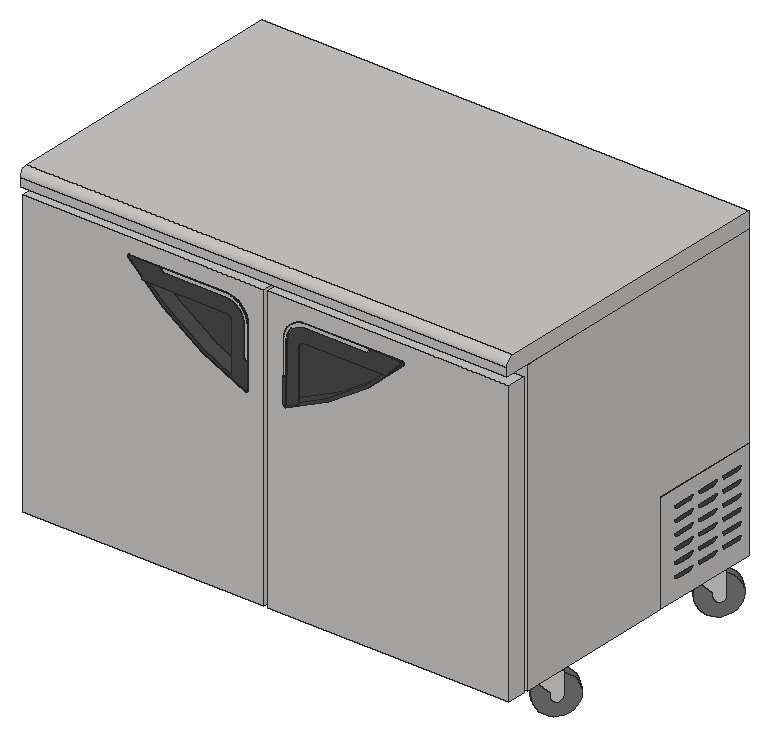
Revit family "QF_Turbo Air_TUR-48SD", category Specialty Equipment, Revit 2012
Parameters
  Weight in Pounds = 246
  Watermarked By = "http://revitwatermark.com"
  Volts = 115 V
  URL Cutsheet = ""
  URL = "www.turboairinc.com"
  Status [instance] = ""
  Specification by User [instance] = ""
  Specification by Manufacturer [instance] = ""
  Serial Number [instance] = ""
  Revision Code [instance] = ""
  Phase = 1
  Number of Poles [instance] = 1
  NAFEM Spec ID Number [instance] = ""
  Model = "TUR-48SD"
  Masterspec [instance] = ""
  Manufacturer = "Turbo Air"  # constant formula
  Legs [instance] = [6 inch Legs]  # no
  Item Number [instance] = "-"
  Installed By [instance] = ""
  HP = "1/3"
  Furnished By [instance] = ""
  Foodservice Equipment Identifier = yes
  FL Amps = 6.5 A
  Electrical Remarks [instance] = ""
  Electric Connection Type [instance] = ""
  Elec Conn RI Height [instance] = 0' - 0"
  Elec Conn Connection Height = 1' - 0"
  Description = "Undercounter Refrigerator"
  Cycle = 60 Hz
  Conn Plug = "NEMA 5-15P"
  Casters [instance] = not(Legs)  # yes
  CasterLeg Height [instance] = if([4 inch Casters], 0' 5", if([5 inch Casters], 0' 5 3/4", if([2_5 inch Casters], 0' 3 3/8", 0' 6")))  # 0' - 5"
  CSI MasterFormat = "11 41 13"
  Assembly Code = "E1090320"
  Apparent Power = if(Phase = 3, Volts * FL Amps * 1.73, Volts * FL Amps)  # 747.5 VA
  6 inch Legs [instance] = no
  5 inch Casters [instance] = no
  4 inch Casters [instance] = yes
  2_5 inch Casters [instance] = no
Reference planes (in)
  plane 1 "BACK": y = 0
  plane 2: z = 0
  plane 3 "LEFT": x = -20.78844
  plane 4 "Bottom": z = 5
  plane 5 "Back Stops": y = 1
  plane 6 "RIGHT": x = 27.46156
  plane 7 "FRONT": y = -30
  plane 8 "Door Clearance": y = -51.875
  plane 9 "Back of Door": y = -27.875
  plane 10 "Front of Box": y = -27.375
  plane 11 "Top of Door": z = 33.125
  plane 12 "TOP": z = 35.625
  plane 13 "Bottom of TOP": z = 34
  plane 14 "Center LR": x = 3.33656
  plane 15: x = 3.52406
  plane 16: x = 3.14906
Forms (in)
  Extrusion 1, solid, material "QF_Finishes_Stainless Steel"
    sketch origin (-20.78844, 0, 0) x (0, 1, 0) y (0, 0, 1)
      loop
        line (0, 5) -> (0, 34) -> (-27.375, 34) -> (-27.375, 5) -> (0, 5)
    from 0 to 48.25
  Extrusion 2, solid, material "QF_Finishes_Black"
    sketch origin (0, -27.375, 0) x (1, 0, 0) y (0, 0, 1)
      loop
        line (-19.78844, 32.125) -> (-19.78844, 6) -> (2.14906, 6) -> (2.14906, 32.125) -> (-19.78844, 32.125)
      loop
        line (4.52406, 32.125) -> (4.52406, 6) -> (26.46156, 6) -> (26.46156, 32.125) -> (4.52406, 32.125)
    from 0 to 0.5
  Extrusion 3, void
    sketch origin (27.46156, 0, 0) x (0, 1, 0) y (0, 0, 1)
      loop
        line (0, 5) -> (0, 15) -> (-11, 15) -> (-11, 5) -> (0, 5)
    from 0 to -1
  Extrusion 4, solid, material "QF_Finishes_Stainless Steel"
    sketch origin (27.46156, 0, 0) x (0, 1, 0) y (0, 0, 1)
      loop
        line (-10.875, 14.875) -> (-10.875, 5) -> (0, 5) -> (0, 14.875) -> (-10.875, 14.875)
      loop
        arc (-9.25, 13.5) -> (-9.10355, 13.14645) -> (-8.75, 13) r 0.5
        line (-8.75, 13) -> (-7.25, 13)
        arc (-7.25, 13) -> (-6.89645, 13.14645) -> (-6.75, 13.5) r 0.5
        line (-6.75, 13.5) -> (-9.25, 13.5)
      loop
        arc (-6.25, 13.5) -> (-6.10355, 13.14645) -> (-5.75, 13) r 0.5
        line (-5.75, 13) -> (-4.25, 13)
        arc (-4.25, 13) -> (-3.89645, 13.14645) -> (-3.75, 13.5) r 0.5
        line (-3.75, 13.5) -> (-6.25, 13.5)
      loop
        arc (-3.25, 13.5) -> (-3.10355, 13.14645) -> (-2.75, 13) r 0.5
        line (-2.75, 13) -> (-1.25, 13)
        arc (-1.25, 13) -> (-0.89645, 13.14645) -> (-0.75, 13.5) r 0.5
        line (-0.75, 13.5) -> (-3.25, 13.5)
      loop
        arc (-9.25, 12.25) -> (-9.10355, 11.89645) -> (-8.75, 11.75) r 0.5
        line (-8.75, 11.75) -> (-7.25, 11.75)
        arc (-7.25, 11.75) -> (-6.89645, 11.89645) -> (-6.75, 12.25) r 0.5
        line (-6.75, 12.25) -> (-9.25, 12.25)
      loop
        arc (-6.25, 12.25) -> (-6.10355, 11.89645) -> (-5.75, 11.75) r 0.5
        line (-5.75, 11.75) -> (-4.25, 11.75)
        arc (-4.25, 11.75) -> (-3.89645, 11.89645) -> (-3.75, 12.25) r 0.5
        line (-3.75, 12.25) -> (-6.25, 12.25)
      loop
        arc (-3.25, 12.25) -> (-3.10355, 11.89645) -> (-2.75, 11.75) r 0.5
        line (-2.75, 11.75) -> (-1.25, 11.75)
        arc (-1.25, 11.75) -> (-0.89645, 11.89645) -> (-0.75, 12.25) r 0.5
        line (-0.75, 12.25) -> (-3.25, 12.25)
      loop
        arc (-9.25, 11) -> (-9.10355, 10.64645) -> (-8.75, 10.5) r 0.5
        line (-8.75, 10.5) -> (-7.25, 10.5)
        arc (-7.25, 10.5) -> (-6.89645, 10.64645) -> (-6.75, 11) r 0.5
        line (-6.75, 11) -> (-9.25, 11)
      loop
        arc (-6.25, 11) -> (-6.10355, 10.64645) -> (-5.75, 10.5) r 0.5
        line (-5.75, 10.5) -> (-4.25, 10.5)
        arc (-4.25, 10.5) -> (-3.89645, 10.64645) -> (-3.75, 11) r 0.5
        line (-3.75, 11) -> (-6.25, 11)
      loop
        arc (-3.25, 11) -> (-3.10355, 10.64645) -> (-2.75, 10.5) r 0.5
        line (-2.75, 10.5) -> (-1.25, 10.5)
        arc (-1.25, 10.5) -> (-0.89645, 10.64645) -> (-0.75, 11) r 0.5
        line (-0.75, 11) -> (-3.25, 11)
      loop
        arc (-9.25, 9.75) -> (-9.10355, 9.39645) -> (-8.75, 9.25) r 0.5
        line (-8.75, 9.25) -> (-7.25, 9.25)
        arc (-7.25, 9.25) -> (-6.89645, 9.39645) -> (-6.75, 9.75) r 0.5
        line (-6.75, 9.75) -> (-9.25, 9.75)
      loop
        arc (-6.25, 9.75) -> (-6.10355, 9.39645) -> (-5.75, 9.25) r 0.5
        line (-5.75, 9.25) -> (-4.25, 9.25)
        arc (-4.25, 9.25) -> (-3.89645, 9.39645) -> (-3.75, 9.75) r 0.5
        line (-3.75, 9.75) -> (-6.25, 9.75)
      loop
        arc (-3.25, 9.75) -> (-3.10355, 9.39645) -> (-2.75, 9.25) r 0.5
        line (-2.75, 9.25) -> (-1.25, 9.25)
        arc (-1.25, 9.25) -> (-0.89645, 9.39645) -> (-0.75, 9.75) r 0.5
        line (-0.75, 9.75) -> (-3.25, 9.75)
      loop
        arc (-9.25, 8.5) -> (-9.10355, 8.14645) -> (-8.75, 8) r 0.5
        line (-8.75, 8) -> (-7.25, 8)
        arc (-7.25, 8) -> (-6.89645, 8.14645) -> (-6.75, 8.5) r 0.5
        line (-6.75, 8.5) -> (-9.25, 8.5)
      loop
        arc (-6.25, 8.5) -> (-6.10355, 8.14645) -> (-5.75, 8) r 0.5
        line (-5.75, 8) -> (-4.25, 8)
        arc (-4.25, 8) -> (-3.89645, 8.14645) -> (-3.75, 8.5) r 0.5
        line (-3.75, 8.5) -> (-6.25, 8.5)
      loop
        arc (-3.25, 8.5) -> (-3.10355, 8.14645) -> (-2.75, 8) r 0.5
        line (-2.75, 8) -> (-1.25, 8)
        arc (-1.25, 8) -> (-0.89645, 8.14645) -> (-0.75, 8.5) r 0.5
        line (-0.75, 8.5) -> (-3.25, 8.5)
      loop
        arc (-9.25, 7.25) -> (-9.10355, 6.89645) -> (-8.75, 6.75) r 0.5
        line (-8.75, 6.75) -> (-7.25, 6.75)
        arc (-7.25, 6.75) -> (-6.89645, 6.89645) -> (-6.75, 7.25) r 0.5
        line (-6.75, 7.25) -> (-9.25, 7.25)
      loop
        arc (-6.25, 7.25) -> (-6.10355, 6.89645) -> (-5.75, 6.75) r 0.5
        line (-5.75, 6.75) -> (-4.25, 6.75)
        arc (-4.25, 6.75) -> (-3.89645, 6.89645) -> (-3.75, 7.25) r 0.5
        line (-3.75, 7.25) -> (-6.25, 7.25)
      loop
        arc (-3.25, 7.25) -> (-3.10355, 6.89645) -> (-2.75, 6.75) r 0.5
        line (-2.75, 6.75) -> (-1.25, 6.75)
        arc (-1.25, 6.75) -> (-0.89645, 6.89645) -> (-0.75, 7.25) r 0.5
        line (-0.75, 7.25) -> (-3.25, 7.25)
    from 0 to -1
  Extrusion 5, solid, material "QF_Finishes_Black"
    sketch origin (27.46156, 0, 0) x (0, 1, 0) y (0, 0, 1)
      loop
        line (-9.875, 13.95221) -> (-9.875, 6.20221) -> (-0.375, 6.20221) -> (-0.375, 13.95221) -> (-9.875, 13.95221)
    from -0.125 to -1
  Extrusion 6, solid, material "QF_Finishes_Black"
    sketch origin (0, 0, 0) x (1, 0, 0) y (0, 0, 1)
      loop
        circle (-14.66344, 30.8125) r 0.5
      loop
        circle (21.33656, 30.8125) r 0.5
    from 0 to -1
  Extrusion 7, solid, material "QF_Finishes_Stainless Steel"
    sketch origin (0, 0, 0) x (1, 0, 0) y (0, 0, 1)
      loop
        circle (23.46156, 11.125) r 0.25
    from 0 to -0.0625
  Extrusion 8, solid, material "QF_Finishes_Polished Steel"
    sketch origin (-20.78844, 0, 0) x (0, 1, 0) y (0, 0, 1)
      loop
        line (0, 35.625) -> (-29.1875, 35.625)
        arc (-29.1875, 35.625) -> (-29.76202, 35.38702) -> (-30, 34.8125) r 0.8125
        line (-30, 34.8125) -> (-30, 34) -> (0, 34) -> (0, 35.625)
    from 0 to 48.25
Cuts and joins
  Extrusion 3 cuts Extrusion 1
Lines and regions (in)
  symbolic lines
    curve 1: line (-20.78844, 0, 35.875) -> (27.46156, 0, 35.875)
    curve 2: line (-20.78844, -30, 35.875) -> (-20.78844, 0, 35.875)
    curve 3: line (27.46156, -30, 35.875) -> (-20.78844, -30, 35.875)
    curve 4: line (27.46156, 0, 35.875) -> (27.46156, -30, 35.875)
    curve 5: line (20.83656, 1, 35.875) -> (21.83656, 1, 35.875)
    curve 6: line (-15.16344, 1, 35.875) -> (-14.16344, 1, 35.875)
    curve 7: line (-15.16344, 1, 35.875) -> (-15.16344, 0, 35.875)
    curve 8: line (-14.16344, 1, 35.875) -> (-14.16344, 0, 35.875)
    curve 9: line (20.83656, 1, 35.875) -> (20.83656, 0, 35.875)
    curve 10: line (21.83656, 1, 35.875) -> (21.83656, 0, 35.875)
  symbolic lines, style "QF_Clearances", detail levels coarse
    curve 11: line (27.46156, -30, 35.875) -> (27.46156, -51.875, 35.875)
    curve 12: arc (27.46156, -51.875, 35.875) -> (11.25971, -45.58093, 35.875) -> (3.55582, -30, 35.875) r 24
    curve 13: line (-20.78844, -30, 35.875) -> (-20.78844, -51.875, 35.875)
    curve 14: arc (-20.78844, -51.875, 35.875) -> (-4.58659, -45.58093, 35.875) -> (3.1173, -30, 35.875) r 24
Dimensions and locks (in)
  "CasterLeg Height": plane 4 "Bottom" to plane 2
  locked: plane 1 "BACK" to plane 5 "Back Stops" at 1
  locked: plane 6 "RIGHT" to plane 3 "LEFT" at 48.25
  locked: plane 7 "FRONT" to plane 1 "BACK" at 30
  locked: plane 9 "Back of Door" to plane 10 "Front of Box" at 0.5
  locked: plane 8 "Door Clearance" to plane 1 "BACK" at 51.875
  locked: plane 11 "Top of Door" to Extrusion 2 sketch curve at 1  (x2)
  locked: Extrusion 2 sketch curve to plane 3 "LEFT" at 1
  locked: Extrusion 2 sketch curve to plane 4 "Bottom" at 1  (x2)
  locked: Extrusion 3 sketch curve to plane 1 "BACK" at 11
  locked: Extrusion 3 sketch curve to plane 4 "Bottom" at 10
  locked: plane 4 "Bottom" to Extrusion 4 sketch curve at 9.875
  locked: Extrusion 4 sketch curve to plane 1 "BACK" at 10.875
  locked: Extrusion 5 sketch curve to Extrusion 5 sketch curve at 7.75
  locked: Extrusion 5 sketch curve to plane 4 "Bottom" at 1.20221
  locked: Extrusion 5 sketch curve to Extrusion 5 sketch curve at 9.5
  locked: Extrusion 5 sketch curve to plane 1 "BACK" at 0.375
  locked: nested 2 to plane 1 "BACK" at 2.5625
  locked: plane 3 "LEFT" to nested 2 at 2.5
  locked: plane 3 "LEFT" to nested 3 at 2.5
  locked: plane 10 "Front of Box" to nested 3 at 4.625
  locked: nested 4 to plane 6 "RIGHT" at 2.5
  locked: nested 5 to plane 6 "RIGHT" at 2.5
  locked: plane 10 "Front of Box" to nested 5 at 4.625
  locked: nested 4 to plane 1 "BACK" at 2.5625
  locked: plane 6 "RIGHT" to Extrusion 6 sketch curve at 6.125
  locked: Extrusion 6 sketch curve to plane 3 "LEFT" at 6.125
  locked: Extrusion 7 sketch curve to plane 4 "Bottom" at 6.125
  locked: plane 6 "RIGHT" to Extrusion 7 sketch curve at 4
  locked: plane 12 "TOP" to plane 4 "Bottom" at 30.625
  locked: plane 12 "TOP" to plane 13 "Bottom of TOP" at 1.625
  locked: plane 13 "Bottom of TOP" to plane 11 "Top of Door" at 0.875
  plane 9 "Back of Door" to plane 1 "BACK" = 2' - 3 7/8"
  equal spacing: plane 3 "LEFT", plane 14 "Center LR", plane 6 "RIGHT"
  plane 16 to plane 14 "Center LR" to plane 15 = 0' - 0 3/16" locked, 0' - 0 3/16" locked
  locked: Extrusion 2 sketch curve to plane 16 at 1
  locked: Extrusion 2 sketch curve to plane 6 "RIGHT" at 1
  locked: Extrusion 2 sketch curve to plane 15 at 1
  aligned and locked: level to plane 2
  aligned and locked: plane 6 "RIGHT" to nested 1
  aligned and locked: Extrusion 1 sketch curve to plane 1 "BACK"
  aligned and locked: Extrusion 1 sketch curve to plane 4 "Bottom"
  aligned and locked: plane 10 "Front of Box" to Extrusion 1 sketch curve
  aligned and locked: plane 6 "RIGHT" to Extrusion 1
  aligned and locked: plane 9 "Back of Door" to Extrusion 2
  aligned and locked: Extrusion 3 sketch curve to plane 1 "BACK"
  aligned and locked: Extrusion 3 sketch curve to plane 4 "Bottom"
  aligned and locked: Extrusion 6 to plane 5 "Back Stops"
  aligned and locked: plane 1 "BACK" to curve 1
  aligned and locked: curve 4 to plane 6 "RIGHT"
  aligned and locked: plane 3 "LEFT" to curve 2
  aligned and locked: curve 3 to plane 7 "FRONT"
  aligned and locked: curve 5 to Extrusion 6
  aligned and locked: curve 6 to Extrusion 6
  aligned and locked: Extrusion 1 sketch curve to plane 13 "Bottom of TOP"
  aligned and locked: plane 1 "BACK" to Extrusion 8 sketch curve
  aligned and locked: plane 13 "Bottom of TOP" to Extrusion 8 sketch curve
  aligned and locked: Extrusion 8 sketch curve to plane 7 "FRONT"
  aligned and locked: Extrusion 8 sketch curve to plane 12 "TOP"
  aligned and locked: plane 6 "RIGHT" to Extrusion 8
  aligned and locked: nested 6 to plane 4 "Bottom"
  aligned and locked: plane 4 "Bottom" to nested 1
Automatic sketch dimensions
  Extrusion 4 sketch curve to plane 1 "BACK" = 0' - 0"
  Extrusion 4 sketch curve to plane 4 "Bottom" = 0' - 0"
  Extrusion 4 sketch curve to Extrusion 4 sketch curve = 0' - 1 5/8"
  Extrusion 4 sketch curve to Extrusion 4 sketch curve = 0' - 0"  (x16)
  Extrusion 4 sketch curve to Extrusion 4 sketch curve = 0' - 0 1/2"  (x31)
  Extrusion 4 sketch curve to Extrusion 4 sketch curve = 0' - 1 1/2"  (x4)
  plane 1 "BACK" to Extrusion 4 sketch curve = 0' - 1 1/4"  (x3)
  plane 4 "Bottom" to Extrusion 4 sketch curve = 0' - 1 3/4"  (x2)
  Extrusion 4 sketch curve to Extrusion 4 sketch curve = 0' - 0 3/4"  (x15)
  Extrusion 6 sketch curve to plane 11 "Top of Door" = 0' - 2 5/16"  (x2)
  Extrusion 8 sketch curve to plane 7 "FRONT" = 0' - 0 13/16"
  plane 8 "Door Clearance" to curve 11 = 0' - 0"
  plane 8 "Door Clearance" to curve 14 = 0' - 0"
  plane 9 "Back of Door" to curve 12 = 0' - 0"
  plane 9 "Back of Door" to curve 14 = 0' - 0"
  curve 10 to plane 6 "RIGHT" = 0' - 5 5/8"
  curve 5 to curve 9 = 0' - 1"
  plane 3 "LEFT" to curve 8 = 0' - 6 5/8"
  curve 6 to curve 7 = 0' - 1"
  radius of Extrusion 6 sketch curve = 0' - 0 1/2"  (x2)
  radius of Extrusion 7 sketch curve = 0' - 0 1/4"
Nested families (in)
  nested 1: "QF_Turbo Air_TBL_Door-2" at (12.28489, -27.875, 5) x (-1, 0, 0) z (0, 0, 1), type "QF_Turbo Air_TBL_Door-2"
    with Width 1' - 11 15/16", Symbolic Lines no, Height 2' - 4 1/8", Depth 0' - 1 13/16"
  nested 2: "FESCasterLeg" at (-18.28844, -2.5625, 0), Legs <- "Legs", Casters <- "Casters", Height <- "CasterLeg Height", type "FESCasterLeg"
    with Legs no, Height 0' - 5", Casters yes, Caster Radius 0' - 2"
  nested 3: "FESCasterLeg" at (-18.28844, -22.75, 0), Legs <- "Legs", Casters <- "Casters", Height <- "CasterLeg Height", type "FESCasterLeg"
    with Legs no, Height 0' - 5", Casters yes, Caster Radius 0' - 2"
  nested 4: "FESCasterLeg" at (24.96156, -2.5625, 0), Legs <- "Legs", Casters <- "Casters", Height <- "CasterLeg Height", type "FESCasterLeg"
    with Legs no, Height 0' - 5", Casters yes, Caster Radius 0' - 2"
  nested 5: "FESCasterLeg" at (24.96156, -22.75, 0), Legs <- "Legs", Casters <- "Casters", Height <- "CasterLeg Height", type "FESCasterLeg"
    with Legs no, Height 0' - 5", Casters yes, Caster Radius 0' - 2"
  nested 6: "QF_Turbo Air_TBL_Door-2" at (-5.61177, -27.875, 5), type "QF_Turbo Air_TBL_Door-2"
    with Width 1' - 11 15/16", Symbolic Lines no, Height 2' - 4 1/8", Depth 0' - 1 13/16"
Connectors (in)
  electrical at (23.46156, 0.0625, 11.125), driven by "Number of Poles", driven by "Volts", driven by "Apparent Power"
    settings: on Extrusion 7, index 1, voltage 115 V, apparent load 747.5 VA, apparent load phase1 0 VA, apparent load phase2 0 VA, apparent load phase3 0 VA, power factor 1, load classification "Other", number of poles 1, system type 30, power factor state 1, is connector primary yes, connector utility no, sub classification motor no, connector description ""
Definition of nested family "QF_Turbo Air_TBL_Door-2"
  Parameters (values of type "QF_Turbo Air_TBL_Door-2")
    Width [instance] = 1' - 6"
    Watermarked By = "http://revitwatermark.com"
    Symbolic Lines [instance] = yes
    Manufacturer = "Turbo Air"  # constant formula
    Height [instance] = 2' - 3 1/2"
    Depth [instance] = 0' - 1 13/16"
  Reference planes (in)
    plane 1 "BACK": y = 0
    plane 2: z = 0
    plane 3 "LEFT": x = -15.17667
    plane 4: x = 2.82333
    plane 5 "FRONT": y = -1.8125
    plane 6: z = 27.5
  Forms (in)
    Extrusion 1, solid, material "QF_Finishes_Stainless Steel"
      sketch origin (0, 0, 0) x (1, 0, 0) y (0, 0, 1)
        loop
          line (-15.17667, 27.5) -> (-15.17667, 0) -> (2.82333, 0) -> (2.82333, 27.5) -> (-15.17667, 27.5)
        loop
          arc (1.26083, 23.75) -> (0.62013, 25.2968) -> (-0.92667, 25.9375) r 2.1875
          line (-0.92667, 25.9375) -> (-10.51602, 25.9375)
          arc (-10.51602, 25.9375) -> (-10.68463, 25.82502) -> (-10.64553, 25.62614) r 0.18261
          arc (-10.64553, 25.62614) -> (-5.27313, 21.0225) -> (1.01159, 17.7731) r 30.65514
          arc (1.01159, 17.7731) -> (1.18191, 17.79728) -> (1.26083, 17.95014) r 0.1875
          line (1.26083, 17.95014) -> (1.26083, 23.75)
      from 0 to 1.8125
    Extrusion 2, solid, material "QF_Finishes_Black"
      sketch origin (0, 0, 0) x (1, 0, 0) y (0, 0, 1)
        loop
          arc (-10.51602, 25.9375) -> (-10.68463, 25.82502) -> (-10.64553, 25.62614) r 0.18261
          arc (-10.64553, 25.62614) -> (-5.27313, 21.0225) -> (1.01159, 17.7731) r 30.65514
          arc (1.01159, 17.7731) -> (1.18191, 17.79728) -> (1.26083, 17.95014) r 0.1875
          line (1.26083, 17.95014) -> (1.26083, 23.75)
          arc (1.26083, 23.75) -> (0.62013, 25.2968) -> (-0.92667, 25.9375) r 2.1875
          line (-0.92667, 25.9375) -> (-10.51602, 25.9375)
      from 0 to 0.25
    Extrusion 3, solid, material "QF_Finishes_Black"
      sketch origin (0, -1.8125, 0) x (1, 0, 0) y (0, 0, 1)
        loop
          arc (-10.51602, 25.9375) -> (-10.68463, 25.82502) -> (-10.64553, 25.62614) r 0.18261
          arc (-10.64553, 25.62614) -> (-5.27313, 21.0225) -> (1.01159, 17.7731) r 30.65514
          arc (1.01159, 17.7731) -> (1.18191, 17.79728) -> (1.26083, 17.95014) r 0.1875
          line (1.26083, 17.95014) -> (1.26083, 23.75)
          arc (1.26083, 23.75) -> (0.62013, 25.2968) -> (-0.92667, 25.9375) r 2.1875
          line (-0.92667, 25.9375) -> (-10.51602, 25.9375)
        loop
          arc (-10.3612, 25.6875) -> (-5.1116, 21.21513) -> (1.01083, 18.04082) r 30.40514
          line (1.01083, 18.04082) -> (1.01083, 23.75)
          arc (1.01083, 23.75) -> (0.44335, 25.12002) -> (-0.92667, 25.6875) r 1.9375
          line (-0.92667, 25.6875) -> (-10.3612, 25.6875)
      from 0 to -1.5625
    Extrusion 4, solid, material "QF_Finishes_Stainless Steel"
      sketch origin (0, -1.8125, 0) x (1, 0, 0) y (0, 0, 1)
        loop
          line (0.8693, 23.74703) -> (0.8693, 20.9359)
          arc (0.8693, 20.9359) -> (0.97619, 20.67783) -> (1.23426, 20.57094) r 0.36497
          line (1.23426, 20.57094) -> (1.23426, 23.75728)
          arc (1.23426, 23.75728) -> (0.60343, 25.28026) -> (-0.91955, 25.9111) r 2.15381
          line (-0.91955, 25.9111) -> (-7.29364, 25.9111)
          arc (-7.29364, 25.9111) -> (-7.18686, 25.6533) -> (-6.92907, 25.54652) r 0.36457
          line (-6.92907, 25.54652) -> (-0.9302, 25.54652)
          arc (-0.9302, 25.54652) -> (0.34224, 25.01946) -> (0.8693, 23.74703) r 1.79949
      from 0 to 0.0625
    Extrusion 5, solid, material "QF_Finishes_Black"
      sketch origin (0, -1.8125, 0) x (1, 0, 0) y (0, 0, 1)
        loop
          line (-7.29579, 25.91713) -> (-10.23685, 25.91713)
          arc (-10.23685, 25.91713) -> (-10.4057, 25.80626) -> (-10.37109, 25.60724) r 0.18402
          arc (-10.37109, 25.60724) -> (-9.82156, 25.0362) -> (-9.25736, 24.47964) r 30.46741
          arc (-9.25736, 24.47964) -> (-9.13766, 24.40221) -> (-8.99771, 24.37509) r 0.37471
          line (-8.99771, 24.37509) -> (-0.92669, 24.37509)
          arc (-0.92669, 24.37509) -> (-0.48472, 24.19202) -> (-0.30165, 23.75005) r 0.62505
          line (-0.30165, 23.75005) -> (-0.30165, 18.75593)
          arc (-0.30165, 18.75593) -> (-0.23944, 18.54909) -> (-0.07345, 18.41087) r 0.375
          arc (-0.07345, 18.41087) -> (0.46451, 18.18804) -> (1.00663, 17.97553) r 30.46765
          arc (1.00663, 17.97553) -> (1.17982, 17.99636) -> (1.26095, 18.15079) r 0.18755
          line (1.26095, 18.15079) -> (1.26095, 20.57213)
          arc (1.26095, 20.57213) -> (0.98629, 20.66883) -> (0.87001, 20.93579) r 0.36461
          line (0.87001, 20.93579) -> (0.87001, 23.74835)
          arc (0.87001, 23.74835) -> (0.34256, 25.02175) -> (-0.93084, 25.54921) r 1.80086
          line (-0.93084, 25.54921) -> (-6.92787, 25.54921)
          arc (-6.92787, 25.54921) -> (-7.18803, 25.65697) -> (-7.29579, 25.91713) r 0.36792
      from 0 to 0.0625
  Lines and regions (in)
    symbolic lines, visible <- "Symbolic Lines"
      curve 1: line (-15.17667, 0, 25.96875) -> (2.82333, 0, 25.96875)
      curve 2: line (-15.17667, -1.8125, 25.96875) -> (-15.17667, 0, 25.96875)
      curve 3: line (2.82333, -1.8125, 25.96875) -> (-15.17667, -1.8125, 25.96875)
      curve 4: line (2.82333, 0, 25.96875) -> (2.82333, -1.8125, 25.96875)
  Dimensions and locks (in)
    "Width": plane 4 to plane 3 "LEFT"
    "Depth": plane 5 "FRONT" to plane 1 "BACK"
    "Height": plane 6 to plane 2
    locked: plane 4 to Extrusion 1 sketch curve at 3.75
    locked: plane 6 to Extrusion 1 sketch curve at 3.75
    locked: plane 6 to Extrusion 1 sketch curve at 9.54986
    locked: plane 4 to Extrusion 1 sketch curve at 1.5625
    locked: plane 6 to Extrusion 1 sketch curve at 1.5625
    locked: plane 4 to Extrusion 1 sketch curve at 13.33935
    locked: plane 6 to Extrusion 1 sketch curve at 1.87386
    locked: plane 6 to Extrusion 1 sketch curve at 9.7269
    locked: plane 4 to Extrusion 1 sketch curve at 1.81175
    locked: plane 4 to Extrusion 1 sketch curve at 13.46886
    locked: Extrusion 4 sketch curve to Extrusion 4 sketch curve at 0.36457
    locked: Extrusion 4 sketch curve to Extrusion 4 sketch curve at 0.36497
    locked: plane 4 to Extrusion 4 sketch curve at 1.58907
    locked: plane 6 to Extrusion 4 sketch curve at 1.5889
    plane 4 to Extrusion 4 sketch curve = 0' - 10.11697"
    locked: plane 4 to Extrusion 4 sketch curve at 9.7524
    locked: plane 4 to Extrusion 4 sketch curve at 3.74288
    locked: plane 4 to Extrusion 4 sketch curve at 3.75353
    locked: plane 6 to Extrusion 4 sketch curve at 3.74272
    locked: plane 6 to Extrusion 4 sketch curve at 3.75297
    locked: plane 6 to Extrusion 4 sketch curve at 6.92906
    locked: plane 6 to Extrusion 4 sketch curve at 6.5641
    locked: plane 4 to Extrusion 2 sketch curve at 3.75
    locked: plane 4 to Extrusion 2 sketch curve at 13.33935
    locked: plane 4 to Extrusion 2 sketch curve at 13.46886
    locked: plane 4 to Extrusion 2 sketch curve at 1.81175
    locked: plane 4 to Extrusion 2 sketch curve at 1.5625
    locked: plane 4 to Extrusion 5 sketch curve at 1.56238
    locked: plane 4 to Extrusion 5 sketch curve at 1.95332
    locked: plane 4 to Extrusion 5 sketch curve at 3.75417
    locked: plane 4 to Extrusion 5 sketch curve at 9.75121
    locked: plane 4 to Extrusion 5 sketch curve at 10.11912
    locked: plane 4 to Extrusion 5 sketch curve at 13.06018
    locked: plane 4 to Extrusion 5 sketch curve at 13.19443
    locked: plane 4 to Extrusion 5 sketch curve at 12.0807
    locked: plane 4 to Extrusion 5 sketch curve at 11.82104
    locked: plane 4 to Extrusion 5 sketch curve at 3.75003
    locked: plane 4 to Extrusion 5 sketch curve at 3.12498
    locked: plane 4 to Extrusion 5 sketch curve at 2.89679
    locked: plane 4 to Extrusion 5 sketch curve at 1.81671
    aligned and locked: level to plane 2
    aligned and locked: Extrusion 1 sketch curve to plane 6
    aligned and locked: plane 3 "LEFT" to Extrusion 1 sketch curve
    aligned and locked: level to Extrusion 1 sketch curve
    aligned and locked: Extrusion 1 sketch curve to plane 4
    aligned and locked: plane 5 "FRONT" to Extrusion 1
    aligned and locked: plane 1 "BACK" to curve 1
    aligned and locked: plane 3 "LEFT" to curve 2
    aligned and locked: curve 3 to plane 5 "FRONT"
    aligned and locked: curve 4 to plane 4
    aligned and locked: Extrusion 3 sketch curve to Extrusion 1  (x4)
  Automatic sketch dimensions
    plane 4 to Extrusion 1 sketch curve = 0' - 9.03101"
    Extrusion 2 sketch curve to plane 6 = 0' - 1 9/16"
    Extrusion 2 sketch curve to Extrusion 2 sketch curve = 0' - 5.79986"
    Extrusion 2 sketch curve to Extrusion 2 sketch curve = 0' - 0.31136"
    plane 4 to Extrusion 2 sketch curve = 0' - 9.03101"
    Extrusion 2 sketch curve to Extrusion 2 sketch curve = 0' - 0.17704"
    Extrusion 3 sketch curve to Extrusion 3 sketch curve = 0' - 0.12951"
    Extrusion 3 sketch curve to Extrusion 3 sketch curve = 0' - 0.15482"
    Extrusion 3 sketch curve to Extrusion 3 sketch curve = 0' - 0"  (x4)
    Extrusion 3 sketch curve to Extrusion 3 sketch curve = 0' - 0.00075"
    Extrusion 3 sketch curve to Extrusion 3 sketch curve = 0' - 0.09068"
    Extrusion 5 sketch curve to Extrusion 5 sketch curve = 0' - 0"  (x4)
    Extrusion 5 sketch curve to Extrusion 5 sketch curve = 0' - 0.00072"
    Extrusion 5 sketch curve to Extrusion 5 sketch curve = 0' - 2.81256"
    Extrusion 5 sketch curve to Extrusion 5 sketch curve = 0' - 0.36461"
    Extrusion 5 sketch curve to Extrusion 5 sketch curve = 0' - 1.8162"
    Extrusion 5 sketch curve to plane 6 = 0' - 1.89276"
    Extrusion 5 sketch curve to Extrusion 5 sketch curve = 0' - 0.14681"
    Extrusion 5 sketch curve to Extrusion 5 sketch curve = 0' - 0.06678"
    Extrusion 5 sketch curve to plane 6 = 0' - 1.58287"
Definition of nested family "FESCasterLeg"
  Parameters (values of type "FESCasterLeg")
    Watermarked By = "http://revitwatermark.com"
    Type Comments = "⍁⍉⌁⌀⏭⎽⌇⍠⌜⍉⎖⌥⌦⌯⍭⏊⍻⍿⍊⏵⍊⏗⏠⍴⎡⌈⎀⍠⌓⌤⏘⎐⍀⌐⏬⏁⎈⏍⏦⎒⏬⌝⍩⍇⌣〈⎫〉⎁⏊⍥⍖⍥⍝⍦⌖⍀⏌⏭⎝⎼⏷⏞⍻⏯⎽⏷⏞⍻⏯⎽⏷⎺⌻⎝⍎⌧⏷⏟⏿⌿⍜⍦⍤⌁⍬⏶⏎⍊⏚⏉⎞⌡⎀⎪⏈⌟⌿⍾⍼⌟⌿⌢⌞⏜⏝⎽⍷⍷⍯⍧⍷⌯⍽⏸⏨⏾⏎⌣⏺⍹⏼⏅⎏⌽⎫⎪⍙⎓⏗⎗⏅⌴⍏⍏⍿⏑⎺⍘⌭⏲⍥⎛⎾⎾⍞⍌⎪⎲⌙⎥⏏⎟⎟⏼⏘⎏⎝⏧⏍⏁⍏⍧⏯⏾⌟"
    Legs [instance] = yes
    Height [instance] = 0' - 6"
    Caster Radius [instance] = if(Height < 0' 3", 0' 1", (Height / 2) - 0' 0 1/2")  # 0' - 2 1/2"
    Casters [instance] = yes
    Assembly Code = ""
  Reference planes (in)
    plane 1 "Center (Front/Back)": y = 0
    plane 2: z = 0
    plane 3 "Center (Left/Right)": x = 0
    plane 4: z = 6
    plane 5: z = 5.5
  Forms (in)
    Extrusion 1, solid, material "QF_Finishes_Stainless Steel", visible <- "Casters"
      sketch origin (-24.12131, -22.88887, 10.18833) x (0.707107, 0.707107, 0) y (0, 0, 1)
        loop
          line (34.98772, -7.68833) -> (34.98772, -4.93833) -> (34.48772, -4.93833) -> (34.39402, -4.68833) -> (32.39402, -4.68833) -> (32.39402, -5.43833) -> (33.98772, -7.34206) -> (33.98772, -7.68833)
          arc (33.98772, -7.68833) -> (34.48772, -8.18833) -> (34.98772, -7.68833) r 0.5
      from 0 to 1.75
    Extrusion 2, solid, material "QF_Finishes_Rubber Black", visible <- "Casters"
      sketch origin (-24.32327, -23.09083, 13.31461) x (0.707107, 0.707107, 0) y (0, 0, 1)
        loop
          circle (34.77334, -10.81461) r 2.5
      from 0.375 to 1.375
    Extrusion 3, solid, material "QF_Finishes_Stainless Steel", visible <- "Casters"
      sketch origin (-7.24148, -8.48391, 0) x (0.707107, 0.707107, 0) y (0, 0, 1)
        loop
          line (10.61603, 5.5) -> (11.61603, 5.5) -> (11.61603, 6) -> (10.61603, 6) -> (10.61603, 5.5)
      from 0 to -1.75
    Blend 4, solid, material "QF_Finishes_Stainless Steel", visible <- "Legs"
      base sketch origin (0, 0, 0) x (1, 0, 0) y (0, 1, 0)
        loop
          circle (0, 0) r 0.5
      top sketch origin (0, 0, 0) x (1, 0, 0) y (0, 1, 0)
        loop
          circle (0, 0) r 1
      from 0 to 6 <- "Height"
  Lines and regions (in)
    symbolic lines, style "QF_Hidden Details", visible <- "Casters", built-in parameter 1006206 <- "Casters"
      curve 1: line (-1.26158, -0.51911, 0) -> (1.39007, 2.13254, 0)
      curve 2: line (-0.53429, -1.24639, 0) -> (2.11736, 1.40526, 0)
    symbolic lines, style "QF_Hidden Details", built-in parameter 1006206 <- "Casters", visible <- "Casters"
      curve 3: line (-1.26158, -0.51911, 0) -> (1.39007, 2.13254, 0)
      curve 4: line (-0.53429, -1.24639, 0) -> (2.11736, 1.40526, 0)
  Dimensions and locks (in)
    locked: plane 4 to plane 5 at 0.5
    "Height": plane 4 to level
    "Caster Radius": Extrusion 2 sketch curve to level
    "Caster Radius": Extrusion 1 sketch curve to level
    "Caster Radius": radius of Extrusion 2 sketch curve
    aligned and locked: plane 2 to level
    aligned: Blend 4 to Extrusion 3
    aligned and locked: plane 4 to Blend 4
    aligned and locked: Extrusion 3 to plane 5
    aligned and locked: plane 4 to Extrusion 3
    aligned and locked: plane 5 to Extrusion 1
  Automatic sketch dimensions
    plane 1 "Center (Front/Back)" to curve 3 = 0' - 0.51911"
    curve 3 to plane 3 "Center (Left/Right)" = 0' - 1.26158"
    plane 1 "Center (Front/Back)" to curve 1 = 0' - 0.51911"
    curve 1 to curve 3 = 0' - 0"  (x3)
    curve 4 to plane 3 "Center (Left/Right)" = 0' - 0.53429"
    curve 2 to curve 4 = 0' - 0"  (x2)
    plane 3 "Center (Left/Right)" to curve 3 = 0' - 1.39007"
    curve 1 to curve 4 = 0' - 0.72729"
    curve 2 to curve 1 = 0' - 0.72729"
    curve 4 to curve 2 = 0' - 0"  (x2)
    curve 2 to plane 1 "Center (Front/Back)" = 0' - 1.40526"
    curve 2 to curve 3 = 0' - 0.72729"
    plane 5 to Extrusion 1 sketch curve = 0' - 0"
    Extrusion 1 sketch curve to Extrusion 1 sketch curve = 0' - 1.5937"
    Extrusion 1 sketch curve to Extrusion 1 sketch curve = 0' - 2"
    Extrusion 1 sketch curve to Extrusion 1 sketch curve = 0' - 0.0937"
    Extrusion 1 sketch curve to Extrusion 1 sketch curve = 0' - 0 1/2"
    Extrusion 1 sketch curve to Extrusion 1 sketch curve = 0' - 0.34627"
    Extrusion 1 sketch curve to plane 5 = 0' - 0 3/4"
    Extrusion 1 sketch curve to plane 5 = 0' - 0 1/4"
    Extrusion 3 sketch curve to plane 5 = 0' - 0"
    plane 4 to Extrusion 3 sketch curve = 0' - 0"
    Extrusion 3 sketch curve to Extrusion 3 sketch curve = 0' - 1"
    plane 1 "Center (Front/Back)" to Blend 4 sketch curve = 0' - 0"  (x2)
    Blend 4 sketch curve to plane 3 "Center (Left/Right)" = 0' - 0"  (x2)
    radius of Blend 4 sketch curve = 0' - 0 1/2"
    radius of Blend 4 sketch curve = 0' - 1"
